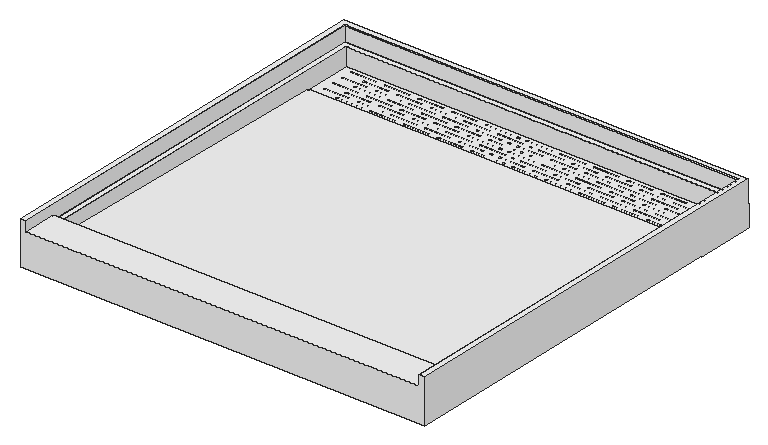
Revit family "CSBS-36-3F-BLANCO", category Plumbing Fixtures, host Face, Revit 2016
Family settings
  Host = Face
  Part Type = Normal
  Round Connector Dimension = Use Diameter
  OmniClass Number = 23.45.05.14.17
  OmniClass Title = Showers
  Cut with Voids When Loaded = Yes
  Shared = Yes
  Room Calculation Point = No
Parameters (values of type "CSBS-36-3F")
  Width = 36"  # constant formula
  Waste Connection Diameter = 2"  # constant formula
  Waste Connection = yes
  Warranty Documentation Link = "www.acorneng.com/terms-and-conditions"
  WFU = 3
  Vent Connection = no
  URL = "http://www.acorneng.com"
  Type Comments = ""
  Product URL = "https://www.acorneng.com/product.aspx?ProductId=2475"
  Product Documentation Link = "https://www.acorneng.com/uploads/fileLibrary/CSBS.pdf"
  OCC - Optional Corterra Colors, Specify = no
  Model = "CSBS-36-3F"
  Manufacturer = "Acorn"  # constant formula
  Length = 36"  # constant formula
  Height = 3 7/8"  # constant formula
  HWFU = 1.5
  HW Connection = no
  Finish = Corterra's-ACORN-Blanco
  Description = "36\" Corterra™ Shower Base,\r\nSquare"
  Default Elevation = 0"
  Creation Date = "8/07/2020"  # constant formula
  CWFU = 1.5
  CW Connection = no
  Assembly Code = "D2010710"
  AMA - Anti-Microbial Additive = no
Reference planes (in)
  plane 1 "Center (Front/Back)": y = 0
  plane 2: z = 0
  plane 3 "Center (Left/Right)": x = 0
  plane 4 "Back of shower": y = 18.5625
  plane 5: y = 14.8125
  plane 6: x = -18
  plane 7: x = 18
  plane 8: y = -17.4375
  plane 9: z = 3.875
  plane 10: z = 3
  plane 11: y = -14.4375
Forms (in)
  Extrusion 1, solid, material "Corterra's-ACORN-Blanco" <- "Finish"
    sketch origin (0, 18.5625, 0) x (0, 1, 0) y (0, 0, 1)
      loop
        line (0, 0.96875) -> (-1.03125, 0.96875) -> (-1.03125, 0.77108) -> (-5.21729, 0.77108) -> (-5.21729, 0.96875) -> (-5.28271, 0.96875) -> (-5.28271, 1.0344) -> (-32.75411, 1.48577)
        arc (-32.75411, 1.48577) -> (-32.92822, 1.56042) -> (-33, 1.73574) r 0.25
        line (-33, 1.73574) -> (-33, 3) -> (-36, 3) -> (-36, 0) -> (-5.21729, 0) -> (-5.21729, -0.03125) -> (0, -0.03125) -> (0, 0.96875)
    from -17.5 to 18
  Extrusion 2, solid, material "Corterra's-ACORN-Blanco" <- "Finish"
    sketch origin (0, 39.00757, 7.35025) x (0, 1, 0) y (0, 0, 1)
      loop
        line (-21.44507, -6.3815) -> (-21.44507, -6.35025) -> (-25.72778, -6.35025) -> (-25.72778, -6.3815) -> (-21.44507, -6.3815)
    from -17 to 17
  Sweep 3, solid, material "Corterra's-ACORN-Blanco" <- "Finish"
    path origin (0, 18.5625, 0) x (1, 0, 0) y (0, 1, 0)
      loop
        line (18, -36) -> (18, 0) -> (-18, 0) -> (-18, -36)
    profile origin (0, 18.5625, 0) x (0, -1, 0) y (0, 0, 1)
      loop
        line (0, 0) -> (1, 0) -> (1, 2.51642)
        arc (1, 2.51642) -> (0.99085, 2.53852) -> (0.96875, 2.54767) r 0.03125
        line (0.96875, 2.54767) -> (0.53125, 2.54767)
        arc (0.53125, 2.54767) -> (0.50915, 2.55683) -> (0.5, 2.57892) r 0.03125
        line (0.5, 2.57892) -> (0.5, 3.84375)
        arc (0.5, 3.84375) -> (0.49085, 3.86585) -> (0.46875, 3.875) r 0.03125
        line (0.46875, 3.875) -> (0, 3.875) -> (0, 0)
  Extrusion 4, void
    sketch origin (0, 22.56115, 1.53125) x (1, 0, 0) y (0, 1, 0)
      loop
        circle (0, -7.75) r 1
    from -1.53125 to -0.76017
  Revolve 5, solid, material "Corterra's-ACORN-Blanco" <- "Finish"
    sketch origin (0, 18.5625, 1.53125) x (0, 1, 0) y (0, 0, 1)
      loop
        line (-2.75, -2.03125) -> (-2.69348, -2.03125) -> (-2.69348, -1.90071) -> (-2.63937, -1.90071) -> (-2.63937, -1.53125) -> (-3.75, -1.53125) -> (-3.75, -2.28125) -> (-2.75, -2.28125) -> (-2.75, -2.03125)
      axis (-3.75, -2.28125) -> (-3.75, -1.53125)
    angle from 0 to 360
  Extrusion 6, void
    sketch origin (11.15625, 48.3095, 1.53125) x (1, 0, 0) y (0, 1, 0)
      loop
        line (-12.34705, -33.17188) -> (-12.53455, -33.17188)
        arc (-12.53455, -33.17188) -> (-12.5033, -33.20313) -> (-12.53455, -33.23438) r 0.03125
        line (-12.53455, -33.23438) -> (-12.34705, -33.23438)
        arc (-12.34705, -33.23438) -> (-12.3783, -33.20313) -> (-12.34705, -33.17188) r 0.03125
      loop
        arc (-11.72205, -33.17188) -> (-11.7533, -33.20313) -> (-11.72205, -33.23438) r 0.03125
        line (-11.72205, -33.23438) -> (-9.53455, -33.23438)
        arc (-9.53455, -33.23438) -> (-9.5033, -33.20313) -> (-9.53455, -33.17188) r 0.03125
        line (-9.53455, -33.17188) -> (-11.72205, -33.17188)
      loop
        arc (-8.72205, -33.17188) -> (-8.7533, -33.20313) -> (-8.72205, -33.23438) r 0.03125
        line (-8.72205, -33.23438) -> (-6.53455, -33.23438)
        arc (-6.53455, -33.23438) -> (-6.5033, -33.20313) -> (-6.53455, -33.17188) r 0.03125
        line (-6.53455, -33.17188) -> (-8.72205, -33.17188)
      loop
        arc (-5.72205, -33.17188) -> (-5.7533, -33.20313) -> (-5.72205, -33.23438) r 0.03125
        line (-5.72205, -33.23438) -> (-3.53455, -33.23438)
        arc (-3.53455, -33.23438) -> (-3.5033, -33.20313) -> (-3.53455, -33.17188) r 0.03125
        line (-3.53455, -33.17188) -> (-5.72205, -33.17188)
      loop
        arc (-2.72205, -33.17188) -> (-2.7533, -33.20313) -> (-2.72205, -33.23438) r 0.03125
        line (-2.72205, -33.23438) -> (-0.53455, -33.23438)
        arc (-0.53455, -33.23438) -> (-0.5033, -33.20313) -> (-0.53455, -33.17188) r 0.03125
        line (-0.53455, -33.17188) -> (-2.72205, -33.17188)
      loop
        arc (0.27795, -33.17188) -> (0.2467, -33.20313) -> (0.27795, -33.23438) r 0.03125
        line (0.27795, -33.23438) -> (2.46545, -33.23438)
        arc (2.46545, -33.23438) -> (2.4967, -33.20313) -> (2.46545, -33.17188) r 0.03125
        line (2.46545, -33.17188) -> (0.27795, -33.17188)
      loop
        arc (3.27795, -33.17188) -> (3.2467, -33.20313) -> (3.27795, -33.23438) r 0.03125
        line (3.27795, -33.23438) -> (5.46545, -33.23438)
        arc (5.46545, -33.23438) -> (5.4967, -33.20313) -> (5.46545, -33.17188) r 0.03125
        line (5.46545, -33.17188) -> (3.27795, -33.17188)
      loop
        line (-12.34705, -32.17188) -> (-12.53455, -32.17188)
        arc (-12.53455, -32.17188) -> (-12.5033, -32.20313) -> (-12.53455, -32.23438) r 0.03125
        line (-12.53455, -32.23438) -> (-12.34705, -32.23438)
        arc (-12.34705, -32.23438) -> (-12.3783, -32.20313) -> (-12.34705, -32.17188) r 0.03125
      loop
        arc (-11.72205, -32.17188) -> (-11.7533, -32.20313) -> (-11.72205, -32.23438) r 0.03125
        line (-11.72205, -32.23438) -> (-9.53455, -32.23438)
        arc (-9.53455, -32.23438) -> (-9.5033, -32.20313) -> (-9.53455, -32.17188) r 0.03125
        line (-9.53455, -32.17188) -> (-11.72205, -32.17188)
      loop
        arc (-8.72205, -32.17188) -> (-8.7533, -32.20313) -> (-8.72205, -32.23438) r 0.03125
        line (-8.72205, -32.23438) -> (-6.53455, -32.23438)
        arc (-6.53455, -32.23438) -> (-6.5033, -32.20313) -> (-6.53455, -32.17188) r 0.03125
        line (-6.53455, -32.17188) -> (-8.72205, -32.17188)
      loop
        arc (-5.72205, -32.17188) -> (-5.7533, -32.20313) -> (-5.72205, -32.23438) r 0.03125
        line (-5.72205, -32.23438) -> (-3.53455, -32.23438)
        arc (-3.53455, -32.23438) -> (-3.5033, -32.20313) -> (-3.53455, -32.17188) r 0.03125
        line (-3.53455, -32.17188) -> (-5.72205, -32.17188)
      loop
        arc (-2.72205, -32.17188) -> (-2.7533, -32.20313) -> (-2.72205, -32.23438) r 0.03125
        line (-2.72205, -32.23438) -> (-0.53455, -32.23438)
        arc (-0.53455, -32.23438) -> (-0.5033, -32.20313) -> (-0.53455, -32.17188) r 0.03125
        line (-0.53455, -32.17188) -> (-2.72205, -32.17188)
      loop
        arc (0.27795, -32.17188) -> (0.2467, -32.20313) -> (0.27795, -32.23438) r 0.03125
        line (0.27795, -32.23438) -> (2.46545, -32.23438)
        arc (2.46545, -32.23438) -> (2.4967, -32.20313) -> (2.46545, -32.17188) r 0.03125
        line (2.46545, -32.17188) -> (0.27795, -32.17188)
      loop
        arc (3.27795, -32.17188) -> (3.2467, -32.20313) -> (3.27795, -32.23438) r 0.03125
        line (3.27795, -32.23438) -> (5.46545, -32.23438)
        arc (5.46545, -32.23438) -> (5.4967, -32.20313) -> (5.46545, -32.17188) r 0.03125
        line (5.46545, -32.17188) -> (3.27795, -32.17188)
      loop
        arc (-13.84705, -33.67188) -> (-13.8783, -33.70313) -> (-13.84705, -33.73438) r 0.03125
        line (-13.84705, -33.73438) -> (-11.65955, -33.73438)
        arc (-11.65955, -33.73438) -> (-11.6283, -33.70313) -> (-11.65955, -33.67188) r 0.03125
        line (-11.65955, -33.67188) -> (-13.84705, -33.67188)
      loop
        line (-10.84705, -33.67188) -> (-11.03455, -33.67188)
        arc (-11.03455, -33.67188) -> (-11.0033, -33.70313) -> (-11.03455, -33.73438) r 0.03125
        line (-11.03455, -33.73438) -> (-10.84705, -33.73438)
        arc (-10.84705, -33.73438) -> (-10.8783, -33.70313) -> (-10.84705, -33.67188) r 0.03125
      loop
        arc (-10.22205, -33.67188) -> (-10.2533, -33.70313) -> (-10.22205, -33.73438) r 0.03125
        line (-10.22205, -33.73438) -> (-8.03455, -33.73438)
        arc (-8.03455, -33.73438) -> (-8.0033, -33.70313) -> (-8.03455, -33.67188) r 0.03125
        line (-8.03455, -33.67188) -> (-10.22205, -33.67188)
      loop
        arc (-7.22205, -33.67188) -> (-7.2533, -33.70313) -> (-7.22205, -33.73438) r 0.03125
        line (-7.22205, -33.73438) -> (-5.03455, -33.73438)
        arc (-5.03455, -33.73438) -> (-5.0033, -33.70313) -> (-5.03455, -33.67188) r 0.03125
        line (-5.03455, -33.67188) -> (-7.22205, -33.67188)
      loop
        arc (-4.22205, -33.67188) -> (-4.2533, -33.70313) -> (-4.22205, -33.73438) r 0.03125
        line (-4.22205, -33.73438) -> (-2.03455, -33.73438)
        arc (-2.03455, -33.73438) -> (-2.0033, -33.70313) -> (-2.03455, -33.67188) r 0.03125
        line (-2.03455, -33.67188) -> (-4.22205, -33.67188)
      loop
        arc (-1.22205, -33.67188) -> (-1.2533, -33.70313) -> (-1.22205, -33.73438) r 0.03125
        line (-1.22205, -33.73438) -> (0.96545, -33.73438)
        arc (0.96545, -33.73438) -> (0.9967, -33.70313) -> (0.96545, -33.67188) r 0.03125
        line (0.96545, -33.67188) -> (-1.22205, -33.67188)
      loop
        arc (1.77795, -33.67188) -> (1.7467, -33.70313) -> (1.77795, -33.73438) r 0.03125
        line (1.77795, -33.73438) -> (3.96545, -33.73438)
        arc (3.96545, -33.73438) -> (3.9967, -33.70313) -> (3.96545, -33.67188) r 0.03125
        line (3.96545, -33.67188) -> (1.77795, -33.67188)
      loop
        arc (-13.84705, -32.67188) -> (-13.8783, -32.70313) -> (-13.84705, -32.73438) r 0.03125
        line (-13.84705, -32.73438) -> (-11.65955, -32.73438)
        arc (-11.65955, -32.73438) -> (-11.6283, -32.70313) -> (-11.65955, -32.67188) r 0.03125
        line (-11.65955, -32.67188) -> (-13.84705, -32.67188)
      loop
        line (-10.84705, -32.67188) -> (-11.03455, -32.67188)
        arc (-11.03455, -32.67188) -> (-11.0033, -32.70313) -> (-11.03455, -32.73438) r 0.03125
        line (-11.03455, -32.73438) -> (-10.84705, -32.73438)
        arc (-10.84705, -32.73438) -> (-10.8783, -32.70313) -> (-10.84705, -32.67188) r 0.03125
      loop
        arc (-10.22205, -32.67188) -> (-10.2533, -32.70313) -> (-10.22205, -32.73438) r 0.03125
        line (-10.22205, -32.73438) -> (-8.03455, -32.73438)
        arc (-8.03455, -32.73438) -> (-8.0033, -32.70313) -> (-8.03455, -32.67188) r 0.03125
        line (-8.03455, -32.67188) -> (-10.22205, -32.67188)
      loop
        arc (-7.22205, -32.67188) -> (-7.2533, -32.70313) -> (-7.22205, -32.73438) r 0.03125
        line (-7.22205, -32.73438) -> (-5.03455, -32.73438)
        arc (-5.03455, -32.73438) -> (-5.0033, -32.70313) -> (-5.03455, -32.67188) r 0.03125
        line (-5.03455, -32.67188) -> (-7.22205, -32.67188)
      loop
        arc (-4.22205, -32.67188) -> (-4.2533, -32.70313) -> (-4.22205, -32.73438) r 0.03125
        line (-4.22205, -32.73438) -> (-2.03455, -32.73438)
        arc (-2.03455, -32.73438) -> (-2.0033, -32.70313) -> (-2.03455, -32.67188) r 0.03125
        line (-2.03455, -32.67188) -> (-4.22205, -32.67188)
      loop
        arc (-1.22205, -32.67188) -> (-1.2533, -32.70313) -> (-1.22205, -32.73438) r 0.03125
        line (-1.22205, -32.73438) -> (0.96545, -32.73438)
        arc (0.96545, -32.73438) -> (0.9967, -32.70313) -> (0.96545, -32.67188) r 0.03125
        line (0.96545, -32.67188) -> (-1.22205, -32.67188)
      loop
        arc (1.77795, -32.67188) -> (1.7467, -32.70313) -> (1.77795, -32.73438) r 0.03125
        line (1.77795, -32.73438) -> (3.96545, -32.73438)
        arc (3.96545, -32.73438) -> (3.9967, -32.70313) -> (3.96545, -32.67188) r 0.03125
        line (3.96545, -32.67188) -> (1.77795, -32.67188)
      loop
        arc (-13.84705, -31.67188) -> (-13.8783, -31.70313) -> (-13.84705, -31.73438) r 0.03125
        line (-13.84705, -31.73438) -> (-11.65955, -31.73438)
        arc (-11.65955, -31.73438) -> (-11.6283, -31.70313) -> (-11.65955, -31.67188) r 0.03125
        line (-11.65955, -31.67188) -> (-13.84705, -31.67188)
      loop
        line (-10.84705, -31.67188) -> (-11.03455, -31.67188)
        arc (-11.03455, -31.67188) -> (-11.0033, -31.70313) -> (-11.03455, -31.73438) r 0.03125
        line (-11.03455, -31.73438) -> (-10.84705, -31.73438)
        arc (-10.84705, -31.73438) -> (-10.8783, -31.70313) -> (-10.84705, -31.67188) r 0.03125
      loop
        arc (-10.22205, -31.67188) -> (-10.2533, -31.70313) -> (-10.22205, -31.73438) r 0.03125
        line (-10.22205, -31.73438) -> (-8.03455, -31.73438)
        arc (-8.03455, -31.73438) -> (-8.0033, -31.70313) -> (-8.03455, -31.67188) r 0.03125
        line (-8.03455, -31.67188) -> (-10.22205, -31.67188)
      loop
        arc (-7.22205, -31.67188) -> (-7.2533, -31.70313) -> (-7.22205, -31.73438) r 0.03125
        line (-7.22205, -31.73438) -> (-5.03455, -31.73438)
        arc (-5.03455, -31.73438) -> (-5.0033, -31.70313) -> (-5.03455, -31.67188) r 0.03125
        line (-5.03455, -31.67188) -> (-7.22205, -31.67188)
      loop
        arc (-4.22205, -31.67188) -> (-4.2533, -31.70313) -> (-4.22205, -31.73438) r 0.03125
        line (-4.22205, -31.73438) -> (-2.03455, -31.73438)
        arc (-2.03455, -31.73438) -> (-2.0033, -31.70313) -> (-2.03455, -31.67188) r 0.03125
        line (-2.03455, -31.67188) -> (-4.22205, -31.67188)
      loop
        arc (-1.22205, -31.67188) -> (-1.2533, -31.70313) -> (-1.22205, -31.73438) r 0.03125
        line (-1.22205, -31.73438) -> (0.96545, -31.73438)
        arc (0.96545, -31.73438) -> (0.9967, -31.70313) -> (0.96545, -31.67188) r 0.03125
        line (0.96545, -31.67188) -> (-1.22205, -31.67188)
      loop
        arc (1.77795, -31.67188) -> (1.7467, -31.70313) -> (1.77795, -31.73438) r 0.03125
        line (1.77795, -31.73438) -> (3.96545, -31.73438)
        arc (3.96545, -31.73438) -> (3.9967, -31.70313) -> (3.96545, -31.67188) r 0.03125
        line (3.96545, -31.67188) -> (1.77795, -31.67188)
      loop
        line (-12.34705, -31.17188) -> (-12.53455, -31.17188)
        arc (-12.53455, -31.17188) -> (-12.5033, -31.20313) -> (-12.53455, -31.23438) r 0.03125
        line (-12.53455, -31.23438) -> (-12.34705, -31.23438)
        arc (-12.34705, -31.23438) -> (-12.3783, -31.20313) -> (-12.34705, -31.17188) r 0.03125
      loop
        arc (-11.72205, -31.17188) -> (-11.7533, -31.20313) -> (-11.72205, -31.23438) r 0.03125
        line (-11.72205, -31.23438) -> (-9.53455, -31.23438)
        arc (-9.53455, -31.23438) -> (-9.5033, -31.20313) -> (-9.53455, -31.17188) r 0.03125
        line (-9.53455, -31.17188) -> (-11.72205, -31.17188)
      loop
        arc (-8.72205, -31.17188) -> (-8.7533, -31.20313) -> (-8.72205, -31.23438) r 0.03125
        line (-8.72205, -31.23438) -> (-6.53455, -31.23438)
        arc (-6.53455, -31.23438) -> (-6.5033, -31.20313) -> (-6.53455, -31.17188) r 0.03125
        line (-6.53455, -31.17188) -> (-8.72205, -31.17188)
      loop
        arc (-5.72205, -31.17188) -> (-5.7533, -31.20313) -> (-5.72205, -31.23438) r 0.03125
        line (-5.72205, -31.23438) -> (-3.53455, -31.23438)
        arc (-3.53455, -31.23438) -> (-3.5033, -31.20313) -> (-3.53455, -31.17188) r 0.03125
        line (-3.53455, -31.17188) -> (-5.72205, -31.17188)
      loop
        arc (-2.72205, -31.17188) -> (-2.7533, -31.20313) -> (-2.72205, -31.23438) r 0.03125
        line (-2.72205, -31.23438) -> (-0.53455, -31.23438)
        arc (-0.53455, -31.23438) -> (-0.5033, -31.20313) -> (-0.53455, -31.17188) r 0.03125
        line (-0.53455, -31.17188) -> (-2.72205, -31.17188)
      loop
        arc (0.27795, -31.17188) -> (0.2467, -31.20313) -> (0.27795, -31.23438) r 0.03125
        line (0.27795, -31.23438) -> (2.46545, -31.23438)
        arc (2.46545, -31.23438) -> (2.4967, -31.20313) -> (2.46545, -31.17188) r 0.03125
        line (2.46545, -31.17188) -> (0.27795, -31.17188)
      loop
        arc (3.27795, -31.17188) -> (3.2467, -31.20313) -> (3.27795, -31.23438) r 0.03125
        line (3.27795, -31.23438) -> (5.46545, -31.23438)
        arc (5.46545, -31.23438) -> (5.4967, -31.20313) -> (5.46545, -31.17188) r 0.03125
        line (5.46545, -31.17188) -> (3.27795, -31.17188)
      loop
        arc (-27.34705, -33.17188) -> (-27.3783, -33.20313) -> (-27.34705, -33.23438) r 0.03125
        line (-27.34705, -33.23438) -> (-25.15955, -33.23438)
        arc (-25.15955, -33.23438) -> (-25.1283, -33.20313) -> (-25.15955, -33.17188) r 0.03125
        line (-25.15955, -33.17188) -> (-27.34705, -33.17188)
      loop
        arc (-24.34705, -33.17188) -> (-24.3783, -33.20313) -> (-24.34705, -33.23438) r 0.03125
        line (-24.34705, -33.23438) -> (-22.15955, -33.23438)
        arc (-22.15955, -33.23438) -> (-22.1283, -33.20313) -> (-22.15955, -33.17188) r 0.03125
        line (-22.15955, -33.17188) -> (-24.34705, -33.17188)
      loop
        arc (-21.34705, -33.17188) -> (-21.3783, -33.20313) -> (-21.34705, -33.23438) r 0.03125
        line (-21.34705, -33.23438) -> (-19.15955, -33.23438)
        arc (-19.15955, -33.23438) -> (-19.1283, -33.20313) -> (-19.15955, -33.17188) r 0.03125
        line (-19.15955, -33.17188) -> (-21.34705, -33.17188)
      loop
        arc (-18.34705, -33.17188) -> (-18.3783, -33.20313) -> (-18.34705, -33.23438) r 0.03125
        line (-18.34705, -33.23438) -> (-16.15955, -33.23438)
        arc (-16.15955, -33.23438) -> (-16.1283, -33.20313) -> (-16.15955, -33.17188) r 0.03125
        line (-16.15955, -33.17188) -> (-18.34705, -33.17188)
      loop
        arc (-27.34705, -32.17188) -> (-27.3783, -32.20313) -> (-27.34705, -32.23438) r 0.03125
        line (-27.34705, -32.23438) -> (-25.15955, -32.23438)
        arc (-25.15955, -32.23438) -> (-25.1283, -32.20313) -> (-25.15955, -32.17188) r 0.03125
        line (-25.15955, -32.17188) -> (-27.34705, -32.17188)
      loop
        arc (-24.34705, -32.17188) -> (-24.3783, -32.20313) -> (-24.34705, -32.23438) r 0.03125
        line (-24.34705, -32.23438) -> (-22.15955, -32.23438)
        arc (-22.15955, -32.23438) -> (-22.1283, -32.20313) -> (-22.15955, -32.17188) r 0.03125
        line (-22.15955, -32.17188) -> (-24.34705, -32.17188)
      loop
        arc (-21.34705, -32.17188) -> (-21.3783, -32.20313) -> (-21.34705, -32.23438) r 0.03125
        line (-21.34705, -32.23438) -> (-19.15955, -32.23438)
        arc (-19.15955, -32.23438) -> (-19.1283, -32.20313) -> (-19.15955, -32.17188) r 0.03125
        line (-19.15955, -32.17188) -> (-21.34705, -32.17188)
      loop
        arc (-18.34705, -32.17188) -> (-18.3783, -32.20313) -> (-18.34705, -32.23438) r 0.03125
        line (-18.34705, -32.23438) -> (-16.15955, -32.23438)
        arc (-16.15955, -32.23438) -> (-16.1283, -32.20313) -> (-16.15955, -32.17188) r 0.03125
        line (-16.15955, -32.17188) -> (-18.34705, -32.17188)
      loop
        arc (-25.84705, -33.67188) -> (-25.8783, -33.70313) -> (-25.84705, -33.73438) r 0.03125
        line (-25.84705, -33.73438) -> (-23.65955, -33.73438)
        arc (-23.65955, -33.73438) -> (-23.6283, -33.70313) -> (-23.65955, -33.67188) r 0.03125
        line (-23.65955, -33.67188) -> (-25.84705, -33.67188)
      loop
        arc (-22.84705, -33.67188) -> (-22.8783, -33.70313) -> (-22.84705, -33.73438) r 0.03125
        line (-22.84705, -33.73438) -> (-20.65955, -33.73438)
        arc (-20.65955, -33.73438) -> (-20.6283, -33.70313) -> (-20.65955, -33.67188) r 0.03125
        line (-20.65955, -33.67188) -> (-22.84705, -33.67188)
      loop
        arc (-19.84705, -33.67188) -> (-19.8783, -33.70313) -> (-19.84705, -33.73438) r 0.03125
        line (-19.84705, -33.73438) -> (-17.65955, -33.73438)
        arc (-17.65955, -33.73438) -> (-17.6283, -33.70313) -> (-17.65955, -33.67188) r 0.03125
        line (-17.65955, -33.67188) -> (-19.84705, -33.67188)
      loop
        arc (-16.84705, -33.67188) -> (-16.8783, -33.70313) -> (-16.84705, -33.73438) r 0.03125
        line (-16.84705, -33.73438) -> (-14.65955, -33.73438)
        arc (-14.65955, -33.73438) -> (-14.6283, -33.70313) -> (-14.65955, -33.67188) r 0.03125
        line (-14.65955, -33.67188) -> (-16.84705, -33.67188)
      loop
        arc (-25.84705, -32.67188) -> (-25.8783, -32.70313) -> (-25.84705, -32.73438) r 0.03125
        line (-25.84705, -32.73438) -> (-23.65955, -32.73438)
        arc (-23.65955, -32.73438) -> (-23.6283, -32.70313) -> (-23.65955, -32.67188) r 0.03125
        line (-23.65955, -32.67188) -> (-25.84705, -32.67188)
      loop
        arc (-22.84705, -32.67188) -> (-22.8783, -32.70313) -> (-22.84705, -32.73438) r 0.03125
        line (-22.84705, -32.73438) -> (-20.65955, -32.73438)
        arc (-20.65955, -32.73438) -> (-20.6283, -32.70313) -> (-20.65955, -32.67188) r 0.03125
        line (-20.65955, -32.67188) -> (-22.84705, -32.67188)
      loop
        arc (-19.84705, -32.67188) -> (-19.8783, -32.70313) -> (-19.84705, -32.73438) r 0.03125
        line (-19.84705, -32.73438) -> (-17.65955, -32.73438)
        arc (-17.65955, -32.73438) -> (-17.6283, -32.70313) -> (-17.65955, -32.67188) r 0.03125
        line (-17.65955, -32.67188) -> (-19.84705, -32.67188)
      loop
        arc (-16.84705, -32.67188) -> (-16.8783, -32.70313) -> (-16.84705, -32.73438) r 0.03125
        line (-16.84705, -32.73438) -> (-14.65955, -32.73438)
        arc (-14.65955, -32.73438) -> (-14.6283, -32.70313) -> (-14.65955, -32.67188) r 0.03125
        line (-14.65955, -32.67188) -> (-16.84705, -32.67188)
      loop
        arc (-25.84705, -31.67188) -> (-25.8783, -31.70313) -> (-25.84705, -31.73438) r 0.03125
        line (-25.84705, -31.73438) -> (-23.65955, -31.73438)
        arc (-23.65955, -31.73438) -> (-23.6283, -31.70313) -> (-23.65955, -31.67188) r 0.03125
        line (-23.65955, -31.67188) -> (-25.84705, -31.67188)
      loop
        arc (-22.84705, -31.67188) -> (-22.8783, -31.70313) -> (-22.84705, -31.73438) r 0.03125
        line (-22.84705, -31.73438) -> (-20.65955, -31.73438)
        arc (-20.65955, -31.73438) -> (-20.6283, -31.70313) -> (-20.65955, -31.67188) r 0.03125
        line (-20.65955, -31.67188) -> (-22.84705, -31.67188)
      loop
        arc (-19.84705, -31.67188) -> (-19.8783, -31.70313) -> (-19.84705, -31.73438) r 0.03125
        line (-19.84705, -31.73438) -> (-17.65955, -31.73438)
        arc (-17.65955, -31.73438) -> (-17.6283, -31.70313) -> (-17.65955, -31.67188) r 0.03125
        line (-17.65955, -31.67188) -> (-19.84705, -31.67188)
      loop
        arc (-16.84705, -31.67188) -> (-16.8783, -31.70313) -> (-16.84705, -31.73438) r 0.03125
        line (-16.84705, -31.73438) -> (-14.65955, -31.73438)
        arc (-14.65955, -31.73438) -> (-14.6283, -31.70313) -> (-14.65955, -31.67188) r 0.03125
        line (-14.65955, -31.67188) -> (-16.84705, -31.67188)
      loop
        arc (-27.34705, -31.17188) -> (-27.3783, -31.20313) -> (-27.34705, -31.23438) r 0.03125
        line (-27.34705, -31.23438) -> (-25.15955, -31.23438)
        arc (-25.15955, -31.23438) -> (-25.1283, -31.20313) -> (-25.15955, -31.17188) r 0.03125
        line (-25.15955, -31.17188) -> (-27.34705, -31.17188)
      loop
        arc (-24.34705, -31.17188) -> (-24.3783, -31.20313) -> (-24.34705, -31.23438) r 0.03125
        line (-24.34705, -31.23438) -> (-22.15955, -31.23438)
        arc (-22.15955, -31.23438) -> (-22.1283, -31.20313) -> (-22.15955, -31.17188) r 0.03125
        line (-22.15955, -31.17188) -> (-24.34705, -31.17188)
      loop
        arc (-21.34705, -31.17188) -> (-21.3783, -31.20313) -> (-21.34705, -31.23438) r 0.03125
        line (-21.34705, -31.23438) -> (-19.15955, -31.23438)
        arc (-19.15955, -31.23438) -> (-19.1283, -31.20313) -> (-19.15955, -31.17188) r 0.03125
        line (-19.15955, -31.17188) -> (-21.34705, -31.17188)
      loop
        arc (-18.34705, -31.17188) -> (-18.3783, -31.20313) -> (-18.34705, -31.23438) r 0.03125
        line (-18.34705, -31.23438) -> (-16.15955, -31.23438)
        arc (-16.15955, -31.23438) -> (-16.1283, -31.20313) -> (-16.15955, -31.17188) r 0.03125
        line (-16.15955, -31.17188) -> (-18.34705, -31.17188)
      loop
        arc (-15.34705, -33.17188) -> (-15.3783, -33.20313) -> (-15.34705, -33.23438) r 0.03125
        line (-15.34705, -33.23438) -> (-13.15955, -33.23438)
        arc (-13.15955, -33.23438) -> (-13.1283, -33.20313) -> (-13.15955, -33.17188) r 0.03125
        line (-13.15955, -33.17188) -> (-15.34705, -33.17188)
      loop
        arc (-15.34705, -32.17188) -> (-15.3783, -32.20313) -> (-15.34705, -32.23438) r 0.03125
        line (-15.34705, -32.23438) -> (-13.15955, -32.23438)
        arc (-13.15955, -32.23438) -> (-13.1283, -32.20313) -> (-13.15955, -32.17188) r 0.03125
        line (-13.15955, -32.17188) -> (-15.34705, -32.17188)
      loop
        arc (-15.34705, -31.17188) -> (-15.3783, -31.20313) -> (-15.34705, -31.23438) r 0.03125
        line (-15.34705, -31.23438) -> (-13.15955, -31.23438)
        arc (-13.15955, -31.23438) -> (-13.1283, -31.20313) -> (-13.15955, -31.17188) r 0.03125
        line (-13.15955, -31.17188) -> (-15.34705, -31.17188)
      loop
        line (-12.34705, -34.17188) -> (-12.53455, -34.17188)
        arc (-12.53455, -34.17188) -> (-12.5033, -34.20313) -> (-12.53455, -34.23438) r 0.03125
        line (-12.53455, -34.23438) -> (-12.34705, -34.23438)
        arc (-12.34705, -34.23438) -> (-12.3783, -34.20313) -> (-12.34705, -34.17188) r 0.03125
      loop
        arc (-11.72205, -34.17188) -> (-11.7533, -34.20313) -> (-11.72205, -34.23438) r 0.03125
        line (-11.72205, -34.23438) -> (-9.53455, -34.23438)
        arc (-9.53455, -34.23438) -> (-9.5033, -34.20313) -> (-9.53455, -34.17188) r 0.03125
        line (-9.53455, -34.17188) -> (-11.72205, -34.17188)
      loop
        arc (-8.72205, -34.17188) -> (-8.7533, -34.20313) -> (-8.72205, -34.23438) r 0.03125
        line (-8.72205, -34.23438) -> (-6.53455, -34.23438)
        arc (-6.53455, -34.23438) -> (-6.5033, -34.20313) -> (-6.53455, -34.17188) r 0.03125
        line (-6.53455, -34.17188) -> (-8.72205, -34.17188)
      loop
        arc (-5.72205, -34.17188) -> (-5.7533, -34.20313) -> (-5.72205, -34.23438) r 0.03125
        line (-5.72205, -34.23438) -> (-3.53455, -34.23438)
        arc (-3.53455, -34.23438) -> (-3.5033, -34.20313) -> (-3.53455, -34.17188) r 0.03125
        line (-3.53455, -34.17188) -> (-5.72205, -34.17188)
      loop
        arc (-2.72205, -34.17188) -> (-2.7533, -34.20313) -> (-2.72205, -34.23438) r 0.03125
        line (-2.72205, -34.23438) -> (-0.53455, -34.23438)
        arc (-0.53455, -34.23438) -> (-0.5033, -34.20313) -> (-0.53455, -34.17188) r 0.03125
        line (-0.53455, -34.17188) -> (-2.72205, -34.17188)
      loop
        arc (0.27795, -34.17188) -> (0.2467, -34.20313) -> (0.27795, -34.23438) r 0.03125
        line (0.27795, -34.23438) -> (2.46545, -34.23438)
        arc (2.46545, -34.23438) -> (2.4967, -34.20313) -> (2.46545, -34.17188) r 0.03125
        line (2.46545, -34.17188) -> (0.27795, -34.17188)
      loop
        arc (3.27795, -34.17188) -> (3.2467, -34.20313) -> (3.27795, -34.23438) r 0.03125
        line (3.27795, -34.23438) -> (5.46545, -34.23438)
        arc (5.46545, -34.23438) -> (5.4967, -34.20313) -> (5.46545, -34.17188) r 0.03125
        line (5.46545, -34.17188) -> (3.27795, -34.17188)
      loop
        arc (-13.84705, -34.67188) -> (-13.8783, -34.70313) -> (-13.84705, -34.73438) r 0.03125
        line (-13.84705, -34.73438) -> (-11.65955, -34.73438)
        arc (-11.65955, -34.73438) -> (-11.6283, -34.70313) -> (-11.65955, -34.67188) r 0.03125
        line (-11.65955, -34.67188) -> (-13.84705, -34.67188)
      loop
        line (-10.84705, -34.67188) -> (-11.03455, -34.67188)
        arc (-11.03455, -34.67188) -> (-11.0033, -34.70313) -> (-11.03455, -34.73438) r 0.03125
        line (-11.03455, -34.73438) -> (-10.84705, -34.73438)
        arc (-10.84705, -34.73438) -> (-10.8783, -34.70313) -> (-10.84705, -34.67188) r 0.03125
      loop
        arc (-10.22205, -34.67188) -> (-10.2533, -34.70313) -> (-10.22205, -34.73438) r 0.03125
        line (-10.22205, -34.73438) -> (-8.03455, -34.73438)
        arc (-8.03455, -34.73438) -> (-8.0033, -34.70313) -> (-8.03455, -34.67188) r 0.03125
        line (-8.03455, -34.67188) -> (-10.22205, -34.67188)
      loop
        arc (-7.22205, -34.67188) -> (-7.2533, -34.70313) -> (-7.22205, -34.73438) r 0.03125
        line (-7.22205, -34.73438) -> (-5.03455, -34.73438)
        arc (-5.03455, -34.73438) -> (-5.0033, -34.70313) -> (-5.03455, -34.67188) r 0.03125
        line (-5.03455, -34.67188) -> (-7.22205, -34.67188)
      loop
        arc (-4.22205, -34.67188) -> (-4.2533, -34.70313) -> (-4.22205, -34.73438) r 0.03125
        line (-4.22205, -34.73438) -> (-2.03455, -34.73438)
        arc (-2.03455, -34.73438) -> (-2.0033, -34.70313) -> (-2.03455, -34.67188) r 0.03125
        line (-2.03455, -34.67188) -> (-4.22205, -34.67188)
      loop
        arc (-1.22205, -34.67188) -> (-1.2533, -34.70313) -> (-1.22205, -34.73438) r 0.03125
        line (-1.22205, -34.73438) -> (0.96545, -34.73438)
        arc (0.96545, -34.73438) -> (0.9967, -34.70313) -> (0.96545, -34.67188) r 0.03125
        line (0.96545, -34.67188) -> (-1.22205, -34.67188)
      loop
        arc (1.77795, -34.67188) -> (1.7467, -34.70313) -> (1.77795, -34.73438) r 0.03125
        line (1.77795, -34.73438) -> (3.96545, -34.73438)
        arc (3.96545, -34.73438) -> (3.9967, -34.70313) -> (3.96545, -34.67188) r 0.03125
        line (3.96545, -34.67188) -> (1.77795, -34.67188)
      loop
        arc (-27.34705, -34.17188) -> (-27.3783, -34.20313) -> (-27.34705, -34.23438) r 0.03125
        line (-27.34705, -34.23438) -> (-25.15955, -34.23438)
        arc (-25.15955, -34.23438) -> (-25.1283, -34.20313) -> (-25.15955, -34.17188) r 0.03125
        line (-25.15955, -34.17188) -> (-27.34705, -34.17188)
      loop
        arc (-24.34705, -34.17188) -> (-24.3783, -34.20313) -> (-24.34705, -34.23438) r 0.03125
        line (-24.34705, -34.23438) -> (-22.15955, -34.23438)
        arc (-22.15955, -34.23438) -> (-22.1283, -34.20313) -> (-22.15955, -34.17188) r 0.03125
        line (-22.15955, -34.17188) -> (-24.34705, -34.17188)
      loop
        arc (-21.34705, -34.17188) -> (-21.3783, -34.20313) -> (-21.34705, -34.23438) r 0.03125
        line (-21.34705, -34.23438) -> (-19.15955, -34.23438)
        arc (-19.15955, -34.23438) -> (-19.1283, -34.20313) -> (-19.15955, -34.17188) r 0.03125
        line (-19.15955, -34.17188) -> (-21.34705, -34.17188)
      loop
        arc (-18.34705, -34.17188) -> (-18.3783, -34.20313) -> (-18.34705, -34.23438) r 0.03125
        line (-18.34705, -34.23438) -> (-16.15955, -34.23438)
        arc (-16.15955, -34.23438) -> (-16.1283, -34.20313) -> (-16.15955, -34.17188) r 0.03125
        line (-16.15955, -34.17188) -> (-18.34705, -34.17188)
      loop
        arc (-25.84705, -34.67188) -> (-25.8783, -34.70313) -> (-25.84705, -34.73438) r 0.03125
        line (-25.84705, -34.73438) -> (-23.65955, -34.73438)
        arc (-23.65955, -34.73438) -> (-23.6283, -34.70313) -> (-23.65955, -34.67188) r 0.03125
        line (-23.65955, -34.67188) -> (-25.84705, -34.67188)
      loop
        arc (-22.84705, -34.67188) -> (-22.8783, -34.70313) -> (-22.84705, -34.73438) r 0.03125
        line (-22.84705, -34.73438) -> (-20.65955, -34.73438)
        arc (-20.65955, -34.73438) -> (-20.6283, -34.70313) -> (-20.65955, -34.67188) r 0.03125
        line (-20.65955, -34.67188) -> (-22.84705, -34.67188)
      loop
        arc (-19.84705, -34.67188) -> (-19.8783, -34.70313) -> (-19.84705, -34.73438) r 0.03125
        line (-19.84705, -34.73438) -> (-17.65955, -34.73438)
        arc (-17.65955, -34.73438) -> (-17.6283, -34.70313) -> (-17.65955, -34.67188) r 0.03125
        line (-17.65955, -34.67188) -> (-19.84705, -34.67188)
      loop
        arc (-16.84705, -34.67188) -> (-16.8783, -34.70313) -> (-16.84705, -34.73438) r 0.03125
        line (-16.84705, -34.73438) -> (-14.65955, -34.73438)
        arc (-14.65955, -34.73438) -> (-14.6283, -34.70313) -> (-14.65955, -34.67188) r 0.03125
        line (-14.65955, -34.67188) -> (-16.84705, -34.67188)
      loop
        arc (-15.34705, -34.17188) -> (-15.3783, -34.20313) -> (-15.34705, -34.23438) r 0.03125
        line (-15.34705, -34.23438) -> (-13.15955, -34.23438)
        arc (-13.15955, -34.23438) -> (-13.1283, -34.20313) -> (-13.15955, -34.17188) r 0.03125
        line (-13.15955, -34.17188) -> (-15.34705, -34.17188)
    from -0.5625 to -0.53125
Cuts and joins
  Extrusion 4 cuts Extrusion 1
  joined: Extrusion 1, Sweep 3
  Extrusion 4 cuts Revolve 5
  Extrusion 6 cuts Extrusion 2
Lines and regions (in)
  Masking region 1
    outline origin (0, 18.5625, 0) x (1, 0, 0) y (0, 1, 0)
      loop
        line (-18, 0) -> (-18, -36) -> (18, -36) -> (18, 0) -> (-18, 0)
  symbolic lines, detail levels fine
    curve 1: line (-16.8125, 0, 0) -> (19.1875, 0, 0)
    curve 2: line (-17, 17.5625, 0) -> (-17, -18.5625, 0)
    curve 3: line (-17.5, 18.0625, 0) -> (-17.5, -18.6875, 0)
    curve 4: line (-17, -17.875, 0) -> (17, -17.875, 0)
    curve 5: line (17, -18.5625, 0) -> (17, 17.5625, 0)
    curve 6: line (17.5, 18.0625, 0) -> (17.5, -18.5625, 0)
    curve 7: line (-17, 13.27979, 0) -> (17, 13.27979, 0)
    curve 8: line (-17, 17.5625, 0) -> (17, 17.5625, 0)
    curve 9: line (-17.5, 18.0625, 0) -> (17.5, 18.0625, 0)
    curve 10: line (-4.49607, 16.04869, 0) -> (-2.32362, 16.04869, 0)
    curve 11: arc (-2.32362, 16.04869, 0) -> (-2.29237, 16.01744, 0) -> (-2.32362, 15.98619, 0) r 0.03125
    curve 12: line (-2.32362, 15.98619, 0) -> (-4.49607, 15.98619, 0)
    curve 13: arc (-4.49607, 15.98619, 0) -> (-4.52732, 16.01744, 0) -> (-4.49607, 16.04869, 0) r 0.03125
    curve 14: line (-1.68236, 15.98619, 0) -> (-1.49486, 15.98619, 0)
    curve 15: arc (-1.49486, 15.98619, 0) -> (-1.52611, 16.01744, 0) -> (-1.49486, 16.04869, 0) r 0.03125
    curve 16: line (-1.49486, 16.04869, 0) -> (-1.68236, 16.04869, 0)
    curve 17: arc (-1.68236, 16.04869, 0) -> (-1.65111, 16.01744, 0) -> (-1.68236, 15.98619, 0) r 0.03125
    curve 18: line (-0.86986, 16.04869, 0) -> (1.31764, 16.04869, 0)
    curve 19: arc (1.31764, 16.04869, 0) -> (1.34889, 16.01744, 0) -> (1.31764, 15.98619, 0) r 0.03125
    curve 20: line (1.31764, 15.98619, 0) -> (-0.86986, 15.98619, 0)
    curve 21: arc (-0.86986, 15.98619, 0) -> (-0.90111, 16.01744, 0) -> (-0.86986, 16.04869, 0) r 0.03125
    curve 22: line (2.13014, 16.04869, 0) -> (4.31764, 16.04869, 0)
    curve 23: arc (4.31764, 16.04869, 0) -> (4.34889, 16.01744, 0) -> (4.31764, 15.98619, 0) r 0.03125
    curve 24: line (4.31764, 15.98619, 0) -> (2.13014, 15.98619, 0)
    curve 25: arc (2.13014, 15.98619, 0) -> (2.09889, 16.01744, 0) -> (2.13014, 16.04869, 0) r 0.03125
    curve 26: line (-5.99486, 15.54869, 0) -> (-3.80736, 15.54869, 0)
    curve 27: arc (-3.80736, 15.54869, 0) -> (-3.77611, 15.51744, 0) -> (-3.80736, 15.48619, 0) r 0.03125
    curve 28: line (-3.80736, 15.48619, 0) -> (-5.99486, 15.48619, 0)
    curve 29: arc (-5.99486, 15.48619, 0) -> (-6.02611, 15.51744, 0) -> (-5.99486, 15.54869, 0) r 0.03125
    curve 30: line (-2.99486, 15.54869, 0) -> (-0.80736, 15.54869, 0)
    curve 31: arc (-0.80736, 15.54869, 0) -> (-0.77611, 15.51744, 0) -> (-0.80736, 15.48619, 0) r 0.03125
    curve 32: line (-0.80736, 15.48619, 0) -> (-2.99486, 15.48619, 0)
    curve 33: arc (-2.99486, 15.48619, 0) -> (-3.02611, 15.51744, 0) -> (-2.99486, 15.54869, 0) r 0.03125
    curve 34: line (-0.18236, 15.48619, 0) -> (0.00514, 15.48619, 0)
    curve 35: arc (0.00514, 15.48619, 0) -> (-0.02611, 15.51744, 0) -> (0.00514, 15.54869, 0) r 0.03125
    curve 36: line (0.00514, 15.54869, 0) -> (-0.18236, 15.54869, 0)
    curve 37: arc (-0.18236, 15.54869, 0) -> (-0.15111, 15.51744, 0) -> (-0.18236, 15.48619, 0) r 0.03125
    curve 38: line (2.81764, 15.48619, 0) -> (0.63014, 15.48619, 0)
    curve 39: arc (0.63014, 15.48619, 0) -> (0.59889, 15.51744, 0) -> (0.63014, 15.54869, 0) r 0.03125
    curve 40: line (0.63014, 15.54869, 0) -> (2.81764, 15.54869, 0)
    curve 41: arc (2.81764, 15.54869, 0) -> (2.84889, 15.51744, 0) -> (2.81764, 15.48619, 0) r 0.03125
    curve 42: line (3.63014, 15.54869, 0) -> (5.81764, 15.54869, 0)
    curve 43: arc (5.81764, 15.54869, 0) -> (5.84889, 15.51744, 0) -> (5.81764, 15.48619, 0) r 0.03125
    curve 44: line (5.81764, 15.48619, 0) -> (3.63014, 15.48619, 0)
    curve 45: arc (3.63014, 15.48619, 0) -> (3.59889, 15.51744, 0) -> (3.63014, 15.54869, 0) r 0.03125
    curve 46: line (5.13014, 16.04869, 0) -> (7.31764, 16.04869, 0)
    curve 47: arc (7.31764, 16.04869, 0) -> (7.34889, 16.01744, 0) -> (7.31764, 15.98619, 0) r 0.03125
    curve 48: line (7.31764, 15.98619, 0) -> (5.13014, 15.98619, 0)
    curve 49: arc (5.13014, 15.98619, 0) -> (5.09889, 16.01744, 0) -> (5.13014, 16.04869, 0) r 0.03125
    curve 50: line (6.63014, 15.54869, 0) -> (8.81764, 15.54869, 0)
    curve 51: arc (8.81764, 15.54869, 0) -> (8.84889, 15.51744, 0) -> (8.81764, 15.48619, 0) r 0.03125
    curve 52: line (8.81764, 15.48619, 0) -> (6.63014, 15.48619, 0)
    curve 53: arc (6.63014, 15.48619, 0) -> (6.59889, 15.51744, 0) -> (6.63014, 15.54869, 0) r 0.03125
    curve 54: line (10.31764, 15.98619, 0) -> (8.13014, 15.98619, 0)
    curve 55: arc (8.13014, 15.98619, 0) -> (8.09889, 16.01744, 0) -> (8.13014, 16.04869, 0) r 0.03125
    curve 56: line (8.13014, 16.04869, 0) -> (10.31764, 16.04869, 0)
    curve 57: arc (10.31764, 16.04869, 0) -> (10.34889, 16.01744, 0) -> (10.31764, 15.98619, 0) r 0.03125
    curve 58: line (9.63014, 15.54869, 0) -> (11.81764, 15.54869, 0)
    curve 59: arc (11.81764, 15.54869, 0) -> (11.84889, 15.51744, 0) -> (11.81764, 15.48619, 0) r 0.03125
    curve 60: line (11.81764, 15.48619, 0) -> (9.63014, 15.48619, 0)
    curve 61: arc (9.63014, 15.48619, 0) -> (9.59889, 15.51744, 0) -> (9.63014, 15.54869, 0) r 0.03125
    curve 62: line (13.31764, 15.98619, 0) -> (11.13014, 15.98619, 0)
    curve 63: arc (11.13014, 15.98619, 0) -> (11.09889, 16.01744, 0) -> (11.13014, 16.04869, 0) r 0.03125
    curve 64: line (11.13014, 16.04869, 0) -> (13.31764, 16.04869, 0)
    curve 65: arc (13.31764, 16.04869, 0) -> (13.34889, 16.01744, 0) -> (13.31764, 15.98619, 0) r 0.03125
    curve 66: line (14.81764, 15.48619, 0) -> (12.63014, 15.48619, 0)
    curve 67: arc (12.63014, 15.48619, 0) -> (12.59889, 15.51744, 0) -> (12.63014, 15.54869, 0) r 0.03125
    curve 68: line (12.63014, 15.54869, 0) -> (14.81764, 15.54869, 0)
    curve 69: arc (14.81764, 15.54869, 0) -> (14.84889, 15.51744, 0) -> (14.81764, 15.48619, 0) r 0.03125
    curve 70: line (16.31764, 15.98619, 0) -> (14.13014, 15.98619, 0)
    curve 71: arc (14.13014, 15.98619, 0) -> (14.09889, 16.01744, 0) -> (14.13014, 16.04869, 0) r 0.03125
    curve 72: line (14.13014, 16.04869, 0) -> (16.31764, 16.04869, 0)
    curve 73: arc (16.31764, 16.04869, 0) -> (16.34889, 16.01744, 0) -> (16.31764, 15.98619, 0) r 0.03125
    curve 74: line (-4.49607, 15.04869, 0) -> (-2.32362, 15.04869, 0)
    curve 75: arc (-2.32362, 15.04869, 0) -> (-2.29237, 15.01744, 0) -> (-2.32362, 14.98619, 0) r 0.03125
    curve 76: line (-2.32362, 14.98619, 0) -> (-4.49607, 14.98619, 0)
    curve 77: arc (-4.49607, 14.98619, 0) -> (-4.52732, 15.01744, 0) -> (-4.49607, 15.04869, 0) r 0.03125
    curve 78: line (-1.49486, 15.04869, 0) -> (-1.68236, 15.04869, 0)
    curve 79: arc (-1.68236, 15.04869, 0) -> (-1.65111, 15.01744, 0) -> (-1.68236, 14.98619, 0) r 0.03125
    curve 80: line (-1.68236, 14.98619, 0) -> (-1.49486, 14.98619, 0)
    curve 81: arc (-1.49486, 14.98619, 0) -> (-1.52611, 15.01744, 0) -> (-1.49486, 15.04869, 0) r 0.03125
    curve 82: line (-0.86986, 15.04869, 0) -> (1.31764, 15.04869, 0)
    curve 83: arc (1.31764, 15.04869, 0) -> (1.34889, 15.01744, 0) -> (1.31764, 14.98619, 0) r 0.03125
    curve 84: line (1.31764, 14.98619, 0) -> (-0.86986, 14.98619, 0)
    curve 85: arc (-0.86986, 14.98619, 0) -> (-0.90111, 15.01744, 0) -> (-0.86986, 15.04869, 0) r 0.03125
    curve 86: line (2.13014, 15.04869, 0) -> (4.31764, 15.04869, 0)
    curve 87: arc (4.31764, 15.04869, 0) -> (4.34889, 15.01744, 0) -> (4.31764, 14.98619, 0) r 0.03125
    curve 88: line (4.31764, 14.98619, 0) -> (2.13014, 14.98619, 0)
    curve 89: arc (2.13014, 14.98619, 0) -> (2.09889, 15.01744, 0) -> (2.13014, 15.04869, 0) r 0.03125
    curve 90: line (5.13014, 15.04869, 0) -> (7.31764, 15.04869, 0)
    curve 91: arc (7.31764, 15.04869, 0) -> (7.34889, 15.01744, 0) -> (7.31764, 14.98619, 0) r 0.03125
    curve 92: line (7.31764, 14.98619, 0) -> (5.13014, 14.98619, 0)
    curve 93: arc (5.13014, 14.98619, 0) -> (5.09889, 15.01744, 0) -> (5.13014, 15.04869, 0) r 0.03125
    curve 94: line (8.13014, 15.04869, 0) -> (10.31764, 15.04869, 0)
    curve 95: arc (10.31764, 15.04869, 0) -> (10.34889, 15.01744, 0) -> (10.31764, 14.98619, 0) r 0.03125
    curve 96: line (10.31764, 14.98619, 0) -> (8.13014, 14.98619, 0)
    curve 97: arc (8.13014, 14.98619, 0) -> (8.09889, 15.01744, 0) -> (8.13014, 15.04869, 0) r 0.03125
    curve 98: line (11.13014, 15.04869, 0) -> (13.31764, 15.04869, 0)
    curve 99: arc (13.31764, 15.04869, 0) -> (13.34889, 15.01744, 0) -> (13.31764, 14.98619, 0) r 0.03125
    curve 100: line (13.31764, 14.98619, 0) -> (11.13014, 14.98619, 0)
    curve 101: arc (11.13014, 14.98619, 0) -> (11.09889, 15.01744, 0) -> (11.13014, 15.04869, 0) r 0.03125
    curve 102: line (14.13014, 15.04869, 0) -> (15.97441, 15.04869, 0)
    curve 103: arc (15.97441, 15.04869, 0) -> (16.00566, 15.01744, 0) -> (15.97441, 14.98619, 0) r 0.03125
    curve 104: line (15.97441, 14.98619, 0) -> (14.13014, 14.98619, 0)
    curve 105: arc (14.13014, 14.98619, 0) -> (14.09889, 15.01744, 0) -> (14.13014, 15.04869, 0) r 0.03125
    curve 106: line (14.81764, 14.48619, 0) -> (12.63014, 14.48619, 0)
    curve 107: arc (12.63014, 14.48619, 0) -> (12.59889, 14.51744, 0) -> (12.63014, 14.54869, 0) r 0.03125
    curve 108: line (12.63014, 14.54869, 0) -> (14.81764, 14.54869, 0)
    curve 109: arc (14.81764, 14.54869, 0) -> (14.84889, 14.51744, 0) -> (14.81764, 14.48619, 0) r 0.03125
    curve 110: line (11.81764, 14.48619, 0) -> (9.63014, 14.48619, 0)
    curve 111: arc (9.63014, 14.48619, 0) -> (9.59889, 14.51744, 0) -> (9.63014, 14.54869, 0) r 0.03125
    curve 112: line (9.63014, 14.54869, 0) -> (11.81764, 14.54869, 0)
    curve 113: arc (11.81764, 14.54869, 0) -> (11.84889, 14.51744, 0) -> (11.81764, 14.48619, 0) r 0.03125
    curve 114: line (8.81764, 14.48619, 0) -> (6.63014, 14.48619, 0)
    curve 115: arc (6.63014, 14.48619, 0) -> (6.59889, 14.51744, 0) -> (6.63014, 14.54869, 0) r 0.03125
    curve 116: line (6.63014, 14.54869, 0) -> (8.81764, 14.54869, 0)
    curve 117: arc (8.81764, 14.54869, 0) -> (8.84889, 14.51744, 0) -> (8.81764, 14.48619, 0) r 0.03125
    curve 118: line (5.81764, 14.48619, 0) -> (3.63014, 14.48619, 0)
    curve 119: arc (3.63014, 14.48619, 0) -> (3.59889, 14.51744, 0) -> (3.63014, 14.54869, 0) r 0.03125
    curve 120: line (3.63014, 14.54869, 0) -> (5.81764, 14.54869, 0)
    curve 121: arc (5.81764, 14.54869, 0) -> (5.84889, 14.51744, 0) -> (5.81764, 14.48619, 0) r 0.03125
    curve 122: line (2.81764, 14.48619, 0) -> (0.63014, 14.48619, 0)
    curve 123: arc (0.63014, 14.48619, 0) -> (0.59889, 14.51744, 0) -> (0.63014, 14.54869, 0) r 0.03125
    curve 124: line (0.63014, 14.54869, 0) -> (2.81764, 14.54869, 0)
    curve 125: arc (2.81764, 14.54869, 0) -> (2.84889, 14.51744, 0) -> (2.81764, 14.48619, 0) r 0.03125
    curve 126: line (-0.18236, 14.48619, 0) -> (0.00514, 14.48619, 0)
    curve 127: arc (0.00514, 14.48619, 0) -> (-0.02611, 14.51744, 0) -> (0.00514, 14.54869, 0) r 0.03125
    curve 128: line (0.00514, 14.54869, 0) -> (-0.18236, 14.54869, 0)
    curve 129: arc (-0.18236, 14.54869, 0) -> (-0.15111, 14.51744, 0) -> (-0.18236, 14.48619, 0) r 0.03125
    curve 130: line (-0.80736, 14.48619, 0) -> (-2.99486, 14.48619, 0)
    curve 131: arc (-2.99486, 14.48619, 0) -> (-3.02611, 14.51744, 0) -> (-2.99486, 14.54869, 0) r 0.03125
    curve 132: line (-2.99486, 14.54869, 0) -> (-0.80736, 14.54869, 0)
    curve 133: arc (-0.80736, 14.54869, 0) -> (-0.77611, 14.51744, 0) -> (-0.80736, 14.48619, 0) r 0.03125
    curve 134: line (-3.80736, 14.48619, 0) -> (-5.99486, 14.48619, 0)
    curve 135: arc (-5.99486, 14.48619, 0) -> (-6.02611, 14.51744, 0) -> (-5.99486, 14.54869, 0) r 0.03125
    curve 136: line (-5.99486, 14.54869, 0) -> (-3.80736, 14.54869, 0)
    curve 137: arc (-3.80736, 14.54869, 0) -> (-3.77611, 14.51744, 0) -> (-3.80736, 14.48619, 0) r 0.03125
    curve 138: line (-4.49607, 14.04869, 0) -> (-2.32362, 14.04869, 0)
    curve 139: arc (-2.32362, 14.04869, 0) -> (-2.29237, 14.01744, 0) -> (-2.32362, 13.98619, 0) r 0.03125
    curve 140: line (-2.32362, 13.98619, 0) -> (-4.49607, 13.98619, 0)
    curve 141: arc (-4.49607, 13.98619, 0) -> (-4.52732, 14.01744, 0) -> (-4.49607, 14.04869, 0) r 0.03125
    curve 142: line (-1.68236, 13.98619, 0) -> (-1.49486, 13.98619, 0)
    curve 143: arc (-1.49486, 13.98619, 0) -> (-1.52611, 14.01744, 0) -> (-1.49486, 14.04869, 0) r 0.03125
    curve 144: line (-1.49486, 14.04869, 0) -> (-1.68236, 14.04869, 0)
    curve 145: arc (-1.68236, 14.04869, 0) -> (-1.65111, 14.01744, 0) -> (-1.68236, 13.98619, 0) r 0.03125
    curve 146: line (-0.86986, 14.04869, 0) -> (1.31764, 14.04869, 0)
    curve 147: arc (1.31764, 14.04869, 0) -> (1.34889, 14.01744, 0) -> (1.31764, 13.98619, 0) r 0.03125
    curve 148: line (1.31764, 13.98619, 0) -> (-0.86986, 13.98619, 0)
    curve 149: arc (-0.86986, 13.98619, 0) -> (-0.90111, 14.01744, 0) -> (-0.86986, 14.04869, 0) r 0.03125
    curve 150: line (2.13014, 14.04869, 0) -> (4.31764, 14.04869, 0)
    curve 151: arc (4.31764, 14.04869, 0) -> (4.34889, 14.01744, 0) -> (4.31764, 13.98619, 0) r 0.03125
    curve 152: line (4.31764, 13.98619, 0) -> (2.13014, 13.98619, 0)
    curve 153: arc (2.13014, 13.98619, 0) -> (2.09889, 14.01744, 0) -> (2.13014, 14.04869, 0) r 0.03125
    curve 154: line (-5.99486, 13.54869, 0) -> (-3.80736, 13.54869, 0)
    curve 155: arc (-3.80736, 13.54869, 0) -> (-3.77611, 13.51744, 0) -> (-3.80736, 13.48619, 0) r 0.03125
    curve 156: line (-3.80736, 13.48619, 0) -> (-5.99486, 13.48619, 0)
    curve 157: arc (-5.99486, 13.48619, 0) -> (-6.02611, 13.51744, 0) -> (-5.99486, 13.54869, 0) r 0.03125
    curve 158: line (-2.99486, 13.54869, 0) -> (-0.80736, 13.54869, 0)
    curve 159: arc (-0.80736, 13.54869, 0) -> (-0.77611, 13.51744, 0) -> (-0.80736, 13.48619, 0) r 0.03125
    curve 160: line (-0.80736, 13.48619, 0) -> (-2.99486, 13.48619, 0)
    curve 161: arc (-2.99486, 13.48619, 0) -> (-3.02611, 13.51744, 0) -> (-2.99486, 13.54869, 0) r 0.03125
    curve 162: line (-0.18236, 13.48619, 0) -> (0.00514, 13.48619, 0)
    curve 163: arc (0.00514, 13.48619, 0) -> (-0.02611, 13.51744, 0) -> (0.00514, 13.54869, 0) r 0.03125
    curve 164: line (0.00514, 13.54869, 0) -> (-0.18236, 13.54869, 0)
    curve 165: arc (-0.18236, 13.54869, 0) -> (-0.15111, 13.51744, 0) -> (-0.18236, 13.48619, 0) r 0.03125
    curve 166: line (2.81764, 13.48619, 0) -> (0.63014, 13.48619, 0)
    curve 167: arc (0.63014, 13.48619, 0) -> (0.59889, 13.51744, 0) -> (0.63014, 13.54869, 0) r 0.03125
    curve 168: line (0.63014, 13.54869, 0) -> (2.81764, 13.54869, 0)
    curve 169: arc (2.81764, 13.54869, 0) -> (2.84889, 13.51744, 0) -> (2.81764, 13.48619, 0) r 0.03125
    curve 170: line (3.63014, 13.54869, 0) -> (5.81764, 13.54869, 0)
    curve 171: arc (5.81764, 13.54869, 0) -> (5.84889, 13.51744, 0) -> (5.81764, 13.48619, 0) r 0.03125
    curve 172: line (5.81764, 13.48619, 0) -> (3.63014, 13.48619, 0)
    curve 173: arc (3.63014, 13.48619, 0) -> (3.59889, 13.51744, 0) -> (3.63014, 13.54869, 0) r 0.03125
    curve 174: line (5.13014, 14.04869, 0) -> (7.31764, 14.04869, 0)
    curve 175: arc (7.31764, 14.04869, 0) -> (7.34889, 14.01744, 0) -> (7.31764, 13.98619, 0) r 0.03125
    curve 176: line (7.31764, 13.98619, 0) -> (5.13014, 13.98619, 0)
    curve 177: arc (5.13014, 13.98619, 0) -> (5.09889, 14.01744, 0) -> (5.13014, 14.04869, 0) r 0.03125
    curve 178: line (6.63014, 13.54869, 0) -> (8.81764, 13.54869, 0)
    curve 179: arc (8.81764, 13.54869, 0) -> (8.84889, 13.51744, 0) -> (8.81764, 13.48619, 0) r 0.03125
    curve 180: line (8.81764, 13.48619, 0) -> (6.63014, 13.48619, 0)
    curve 181: arc (6.63014, 13.48619, 0) -> (6.59889, 13.51744, 0) -> (6.63014, 13.54869, 0) r 0.03125
    curve 182: line (10.31764, 13.98619, 0) -> (8.13014, 13.98619, 0)
    curve 183: arc (8.13014, 13.98619, 0) -> (8.09889, 14.01744, 0) -> (8.13014, 14.04869, 0) r 0.03125
    curve 184: line (8.13014, 14.04869, 0) -> (10.31764, 14.04869, 0)
    curve 185: arc (10.31764, 14.04869, 0) -> (10.34889, 14.01744, 0) -> (10.31764, 13.98619, 0) r 0.03125
    curve 186: line (9.63014, 13.54869, 0) -> (11.81764, 13.54869, 0)
    curve 187: arc (11.81764, 13.54869, 0) -> (11.84889, 13.51744, 0) -> (11.81764, 13.48619, 0) r 0.03125
    curve 188: line (11.81764, 13.48619, 0) -> (9.63014, 13.48619, 0)
    curve 189: arc (9.63014, 13.48619, 0) -> (9.59889, 13.51744, 0) -> (9.63014, 13.54869, 0) r 0.03125
    curve 190: line (13.31764, 13.98619, 0) -> (11.13014, 13.98619, 0)
    curve 191: arc (11.13014, 13.98619, 0) -> (11.09889, 14.01744, 0) -> (11.13014, 14.04869, 0) r 0.03125
    curve 192: line (11.13014, 14.04869, 0) -> (13.31764, 14.04869, 0)
    curve 193: arc (13.31764, 14.04869, 0) -> (13.34889, 14.01744, 0) -> (13.31764, 13.98619, 0) r 0.03125
    curve 194: line (14.81764, 13.48619, 0) -> (12.63014, 13.48619, 0)
    curve 195: arc (12.63014, 13.48619, 0) -> (12.59889, 13.51744, 0) -> (12.63014, 13.54869, 0) r 0.03125
    curve 196: line (12.63014, 13.54869, 0) -> (14.81764, 13.54869, 0)
    curve 197: arc (14.81764, 13.54869, 0) -> (14.84889, 13.51744, 0) -> (14.81764, 13.48619, 0) r 0.03125
    curve 198: line (15.99934, 13.97502, 0) -> (14.13014, 13.97502, 0)
    curve 199: arc (14.13014, 13.97502, 0) -> (14.09889, 14.00627, 0) -> (14.13014, 14.03752, 0) r 0.03125
    curve 200: line (14.13014, 14.03752, 0) -> (15.99934, 14.03752, 0)
    curve 201: arc (15.99934, 14.03752, 0) -> (16.03059, 14.00627, 0) -> (15.99934, 13.97502, 0) r 0.03125
    curve 202: line (-6.80736, 13.48619, 0) -> (-8.99486, 13.48619, 0)
    curve 203: arc (-8.99486, 13.48619, 0) -> (-9.02611, 13.51744, 0) -> (-8.99486, 13.54869, 0) r 0.03125
    curve 204: line (-8.99486, 13.54869, 0) -> (-6.80736, 13.54869, 0)
    curve 205: arc (-6.80736, 13.54869, 0) -> (-6.77611, 13.51744, 0) -> (-6.80736, 13.48619, 0) r 0.03125
    curve 206: line (-5.30736, 13.98619, 0) -> (-7.49486, 13.98619, 0)
    curve 207: arc (-7.49486, 13.98619, 0) -> (-7.52611, 14.01744, 0) -> (-7.49486, 14.04869, 0) r 0.03125
    curve 208: line (-7.49486, 14.04869, 0) -> (-5.30736, 14.04869, 0)
    curve 209: arc (-5.30736, 14.04869, 0) -> (-5.27611, 14.01744, 0) -> (-5.30736, 13.98619, 0) r 0.03125
    curve 210: line (-8.30736, 13.98619, 0) -> (-10.49486, 13.98619, 0)
    curve 211: arc (-10.49486, 13.98619, 0) -> (-10.52611, 14.01744, 0) -> (-10.49486, 14.04869, 0) r 0.03125
    curve 212: line (-10.49486, 14.04869, 0) -> (-8.30736, 14.04869, 0)
    curve 213: arc (-8.30736, 14.04869, 0) -> (-8.27611, 14.01744, 0) -> (-8.30736, 13.98619, 0) r 0.03125
    curve 214: line (-6.80736, 14.48619, 0) -> (-8.99486, 14.48619, 0)
    curve 215: arc (-8.99486, 14.48619, 0) -> (-9.02611, 14.51744, 0) -> (-8.99486, 14.54869, 0) r 0.03125
    curve 216: line (-8.99486, 14.54869, 0) -> (-6.80736, 14.54869, 0)
    curve 217: arc (-6.80736, 14.54869, 0) -> (-6.77611, 14.51744, 0) -> (-6.80736, 14.48619, 0) r 0.03125
    curve 218: line (-5.30736, 14.98619, 0) -> (-7.49486, 14.98619, 0)
    curve 219: arc (-7.49486, 14.98619, 0) -> (-7.52611, 15.01744, 0) -> (-7.49486, 15.04869, 0) r 0.03125
    curve 220: line (-7.49486, 15.04869, 0) -> (-5.30736, 15.04869, 0)
    curve 221: arc (-5.30736, 15.04869, 0) -> (-5.27611, 15.01744, 0) -> (-5.30736, 14.98619, 0) r 0.03125
    curve 222: line (-8.30736, 14.98619, 0) -> (-10.49486, 14.98619, 0)
    curve 223: arc (-10.49486, 14.98619, 0) -> (-10.52611, 15.01744, 0) -> (-10.49486, 15.04869, 0) r 0.03125
    curve 224: line (-10.49486, 15.04869, 0) -> (-8.30736, 15.04869, 0)
    curve 225: arc (-8.30736, 15.04869, 0) -> (-8.27611, 15.01744, 0) -> (-8.30736, 14.98619, 0) r 0.03125
    curve 226: line (-9.80736, 13.48619, 0) -> (-11.99486, 13.48619, 0)
    curve 227: arc (-11.99486, 13.48619, 0) -> (-12.02611, 13.51744, 0) -> (-11.99486, 13.54869, 0) r 0.03125
    curve 228: line (-11.99486, 13.54869, 0) -> (-9.80736, 13.54869, 0)
    curve 229: arc (-9.80736, 13.54869, 0) -> (-9.77611, 13.51744, 0) -> (-9.80736, 13.48619, 0) r 0.03125
    curve 230: line (-12.80736, 13.48619, 0) -> (-14.99486, 13.48619, 0)
    curve 231: arc (-14.99486, 13.48619, 0) -> (-15.02611, 13.51744, 0) -> (-14.99486, 13.54869, 0) r 0.03125
    curve 232: line (-14.99486, 13.54869, 0) -> (-12.80736, 13.54869, 0)
    curve 233: arc (-12.80736, 13.54869, 0) -> (-12.77611, 13.51744, 0) -> (-12.80736, 13.48619, 0) r 0.03125
    curve 234: line (-11.30736, 13.98619, 0) -> (-13.49486, 13.98619, 0)
    curve 235: arc (-13.49486, 13.98619, 0) -> (-13.52611, 14.01744, 0) -> (-13.49486, 14.04869, 0) r 0.03125
    curve 236: line (-13.49486, 14.04869, 0) -> (-11.30736, 14.04869, 0)
    curve 237: arc (-11.30736, 14.04869, 0) -> (-11.27611, 14.01744, 0) -> (-11.30736, 13.98619, 0) r 0.03125
    curve 238: line (-9.80736, 14.48619, 0) -> (-11.99486, 14.48619, 0)
    curve 239: arc (-11.99486, 14.48619, 0) -> (-12.02611, 14.51744, 0) -> (-11.99486, 14.54869, 0) r 0.03125
    curve 240: line (-11.99486, 14.54869, 0) -> (-9.80736, 14.54869, 0)
    curve 241: arc (-9.80736, 14.54869, 0) -> (-9.77611, 14.51744, 0) -> (-9.80736, 14.48619, 0) r 0.03125
    curve 242: line (-14.30736, 13.98619, 0) -> (-16.49486, 13.98619, 0)
